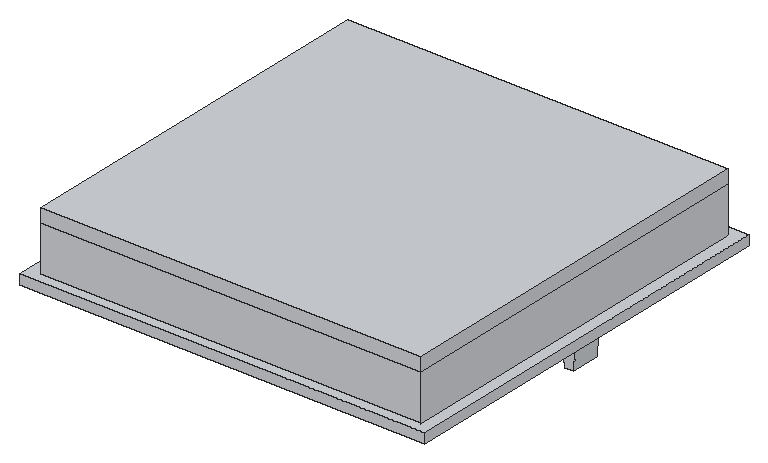
Revit family "Gira_028667", category Electrical Fixtures, host Face, Revit 2017
Family settings
  Host = Face
  Maintain Annotation Orientation = No
  Round Connector Dimension = Use Diameter
  Part Type = Normal
  Cut with Voids When Loaded = No
  Shared = No
  Room Calculation Point = No
Parameters (values of type "Wippe Symb. Klingel Gira TX_44 (WG UP) Anthrazit")
  Werkstoffgüte = "sonstige"
  Werkstoff = "Kunststoff"
  Verwendung = "Schalter/Taster"
  URL = "http://katalog.gira.de/de_DE/datenblatt.html?artikelnr=028667"
  Region = "DE"
  Oberfläche = "sonstige"
  Name = "Wippe Symb. Klingel Gira TX_44 (WG UP) Anthrazit"
  Mit austauschbarer Linse/Symbol = "No"
  Mit Beschriftungsfeld = "No"
  Manufacturer URL = "https://www.gira.de/"
  Kontrollfenster/Lichtauslass = "Yes"
  Keynote = "TX44_Abdeckung_Schalten und Tasten"
  HeinzeBIM = "https://bimportal.heinze.de/bim/wippe-symb-klingel-gira-tx-44-wg-up-anthrazit/7b90f83a47f75efaf40ef20185bc394b96845e73"
  Halogenfrei = "No"
  HAN = "028667"
  Geeignet für Schutzart (IP) = "IP44"
  Geeignet für Bussystem-Tasterankopplung = "No"
  GTIN = "4010337286677"
  Farbe = "anthrazit"
  Default Elevation = 1219.2 mm
  Data sheet (1) = "https://katalog.gira.de/de_DE/download.html?artikelnr=028667"
  Category = "Abdeckung/Bedienelement für Installationsschalterprogramme"
  Befestigungsart = "Klemmbefestigung"
  Available = "Yes"
  Ausführung = "einteilige Wippe"
  Aufdruck/Kennzeichnung = "Symbol \"Klingel\""
  Abtastbares Symbol/barrierefrei = "No"
Reference planes
  plane 1 "Center (Front/Back)": y = 0
  plane 2: z = 0
  plane 3 "Center (Left/Right)": x = 0
Forms (mm)
  Extrusion 1, solid, detail levels fine
    sketch origin (0, 0, 0) x (1, 0, 0) y (0, 1, 0)
      loop
        line (34.85, 34.85) -> (-34.85, 34.85) -> (-34.85, -34.85) -> (34.85, -34.85) -> (34.85, 34.85)
      loop
        line (-31.45, 31.8) -> (-31.45, -31.8) -> (31.45, -31.8) -> (31.45, 31.8) -> (-31.45, 31.8)
    from 0 to 1.7
  Extrusion 2, solid, detail levels fine
    sketch origin (0, 0, 0) x (1, 0, 0) y (0, 1, 0)
      loop
        line (32.8, 33.05) -> (-32.8, 33.05) -> (-32.8, -33.05) -> (32.8, -33.05) -> (32.8, 33.05)
      loop
        line (-31.45, 31.8) -> (-31.45, -31.8) -> (31.45, -31.8) -> (31.45, 31.8) -> (-31.45, 31.8)
    from 1.566 to 9.515
  Extrusion 3, solid, detail levels fine
    sketch origin (0, 0, 0) x (1, 0, 0) y (0, 1, 0)
      loop
        line (32.8, 33.05) -> (-32.8, 33.05) -> (-32.8, -33.05) -> (32.8, -33.05) -> (32.8, 33.05)
    from 9.515 to 11.816
  Extrusion 4, solid, detail levels fine
    sketch origin (0, 0, 0) x (1, 0, 0) y (0, 0, 1)
      loop
        line (-32.815, 0) -> (-34.827, 0) -> (-34.611, -3.084) -> (-33.031, -3.084) -> (-32.815, 0)
      loop
        line (32.815, 0) -> (33.031, -3.084) -> (34.611, -3.084) -> (34.827, 0) -> (32.815, 0)
    from -2.513 to 2.5
  Extrusion 5, solid, detail levels fine
    sketch origin (0, 0, 0) x (1, 0, 0) y (0, 1, 0)
      loop
        spline (-23.686, 23.152) -> (-23.856, 23.114) -> (-24.022, 23.062) -> (-24.184, 22.995) -> (-24.338, 22.915) -> (-24.486, 22.821) -> (-24.624, 22.715) -> (-24.753, 22.597) -> (-24.87, 22.468) -> (-24.977, 22.33) -> (-25.07, 22.183) -> (-25.151, 22.028) -> (-25.218, 21.867)
        line (-25.218, 21.867) -> (-29.35, 10.513) -> (-29.35, -10.487) -> (-25.218, -21.841)
        spline (-25.218, -21.841) -> (-25.151, -22.002) -> (-25.07, -22.156) -> (-24.977, -22.304) -> (-24.87, -22.442) -> (-24.753, -22.571) -> (-24.624, -22.688) -> (-24.486, -22.795) -> (-24.338, -22.888) -> (-24.184, -22.969) -> (-24.022, -23.036) -> (-23.856, -23.088) -> (-23.686, -23.126)
        line (-23.686, -23.126) -> (0, -27.302) -> (23.686, -23.126)
        spline (23.686, -23.126) -> (23.856, -23.088) -> (24.022, -23.036) -> (24.184, -22.969) -> (24.338, -22.888) -> (24.486, -22.795) -> (24.624, -22.688) -> (24.753, -22.571) -> (24.87, -22.442) -> (24.977, -22.304) -> (25.07, -22.156) -> (25.151, -22.002) -> (25.218, -21.841)
        line (25.218, -21.841) -> (29.35, -10.487) -> (29.35, 10.513) -> (25.218, 21.867)
        spline (25.218, 21.867) -> (25.151, 22.028) -> (25.07, 22.183) -> (24.977, 22.33) -> (24.87, 22.468) -> (24.753, 22.597) -> (24.624, 22.715) -> (24.486, 22.821) -> (24.338, 22.915) -> (24.184, 22.995) -> (24.022, 23.062) -> (23.856, 23.114) -> (23.686, 23.152)
        line (23.686, 23.152) -> (0, 27.328) -> (-23.686, 23.152)
      loop
        line (-24.278, 21.525) -> (-28.35, 10.337) -> (-28.35, -10.311) -> (-24.278, -21.498)
        spline (-24.278, -21.498) -> (-24.245, -21.579) -> (-24.204, -21.656) -> (-24.157, -21.73) -> (-24.104, -21.799) -> (-24.045, -21.863) -> (-23.981, -21.922) -> (-23.912, -21.976) -> (-23.838, -22.022) -> (-23.761, -22.063) -> (-23.68, -22.096) -> (-23.597, -22.122) -> (-23.512, -22.141)
        line (-23.512, -22.141) -> (0, -26.287) -> (23.512, -22.141)
        spline (23.512, -22.141) -> (23.597, -22.122) -> (23.68, -22.096) -> (23.761, -22.063) -> (23.838, -22.022) -> (23.912, -21.976) -> (23.981, -21.922) -> (24.045, -21.863) -> (24.104, -21.799) -> (24.157, -21.73) -> (24.204, -21.656) -> (24.245, -21.579) -> (24.278, -21.498)
        line (24.278, -21.498) -> (28.35, -10.311) -> (28.35, 10.337) -> (24.278, 21.525)
        spline (24.278, 21.525) -> (24.245, 21.605) -> (24.204, 21.683) -> (24.157, 21.756) -> (24.104, 21.825) -> (24.045, 21.89) -> (23.981, 21.949) -> (23.912, 22.002) -> (23.838, 22.048) -> (23.761, 22.089) -> (23.68, 22.122) -> (23.597, 22.148) -> (23.512, 22.167)
        line (23.512, 22.167) -> (0, 26.313) -> (-23.512, 22.167)
        spline (-23.512, 22.167) -> (-23.597, 22.148) -> (-23.68, 22.122) -> (-23.761, 22.089) -> (-23.838, 22.048) -> (-23.912, 22.002) -> (-23.981, 21.949) -> (-24.045, 21.89) -> (-24.104, 21.825) -> (-24.157, 21.756) -> (-24.204, 21.683) -> (-24.245, 21.605) -> (-24.278, 21.525)
    from 4.866 to 9.515
  Extrusion 6, solid, detail levels fine
    sketch origin (0, 0, 0) x (1, 0, 0) y (0, 1, 0)
      loop
        arc (0, 8.51) -> (-1.055, 8.223) -> (-1.717, 7.352) r 1.7
        line (-1.717, 7.352) -> (-2.205, 5.894) -> (-2.205, 4.213) -> (-4.36, 4.213)
        arc (-4.36, 4.213) -> (-4.865, 4.091) -> (-5.257, 3.75) r 1.1
        arc (-5.257, 3.75) -> (-6.02, 2.328) -> (-6.406, 0.761) r 6.45
        arc (-6.406, 0.761) -> (-6.7, 0.013) -> (-6.406, -0.735) r 1.1
        arc (-6.406, -0.735) -> (-6.02, -2.302) -> (-5.257, -3.724) r 6.45
        arc (-5.257, -3.724) -> (-4.865, -4.064) -> (-4.36, -4.187) r 1.1
        line (-4.36, -4.187) -> (-2.1, -4.187) -> (-2.1, -5.243)
        arc (-2.1, -5.243) -> (-1.847, -5.944) -> (-1.206, -6.323) r 1.1
        arc (-1.206, -6.323) -> (0, -6.437) -> (1.206, -6.323) r 6.45
        arc (1.206, -6.323) -> (1.847, -5.944) -> (2.1, -5.243) r 1.1
        line (2.1, -5.243) -> (2.1, -4.187) -> (4.36, -4.187)
        arc (4.36, -4.187) -> (4.865, -4.064) -> (5.257, -3.724) r 1.1
        arc (5.257, -3.724) -> (6.02, -2.302) -> (6.406, -0.735) r 6.45
        arc (6.406, -0.735) -> (6.7, 0.013) -> (6.406, 0.761) r 1.1
        arc (6.406, 0.761) -> (6.02, 2.328) -> (5.257, 3.75) r 6.45
        arc (5.257, 3.75) -> (4.865, 4.091) -> (4.36, 4.213) r 1.1
        line (4.36, 4.213) -> (2.205, 4.213) -> (2.205, 5.894) -> (1.717, 7.352)
        arc (1.717, 7.352) -> (1.055, 8.223) -> (0, 8.51) r 1.7
    from -6.834 to 9.515
  Extrusion 7, solid, detail levels coarse
    sketch origin (0, 0, 0) x (1, 0, 0) y (0, 1, 0)
      loop
        line (34.85, 34.85) -> (-34.85, 34.85) -> (-34.85, -34.85) -> (34.85, -34.85) -> (34.85, 34.85)
    from -6.834 to 11.816
  Extrusion 8, solid, detail levels medium
    sketch origin (0, 0, 0) x (1, 0, 0) y (0, 1, 0)
      loop
        line (32.8, 33.05) -> (-32.8, 33.05) -> (-32.8, -33.05) -> (32.8, -33.05) -> (32.8, 33.05)
    from 1.566 to 11.816
  Extrusion 9, solid, detail levels medium
    sketch origin (0, 0, 0) x (1, 0, 0) y (0, 1, 0)
      loop
        line (34.85, 34.85) -> (-34.85, 34.85) -> (-34.85, -34.85) -> (34.85, -34.85) -> (34.85, 34.85)
    from 0 to 1.7
  Extrusion 10, solid, detail levels medium
    sketch origin (0, 0, 0) x (1, 0, 0) y (0, 1, 0)
      loop
        circle (0, 1.036) r 7.473
    from -6.834 to 9.515
  Extrusion 11, solid, detail levels medium
    sketch origin (0, 0, 0) x (1, 0, 0) y (0, 0, 1)
      loop
        line (-32.815, -3.084) -> (-32.815, 0) -> (-34.827, 0) -> (-34.827, -3.084) -> (-32.815, -3.084)
      loop
        line (32.815, -3.084) -> (34.827, -3.084) -> (34.827, 0) -> (32.815, 0) -> (32.815, -3.084)
    from -2.513 to 2.5
Dimensions and locks
  aligned and locked: plane 2 to host face
  aligned and locked: level to host face
